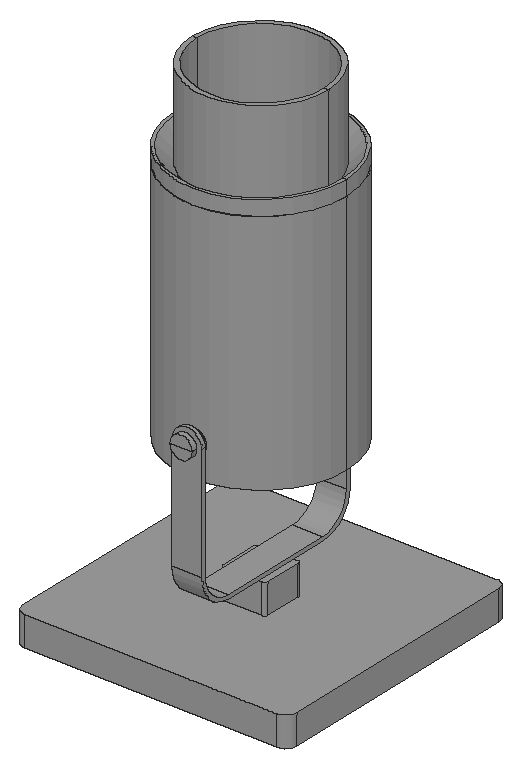
Revit family "Alcon-13340-LG-M-Revit-Family", category Generic Models, host Face, Revit 2023
Family settings
  Host = Face
  Can host rebar = No
  Round Connector Dimension = Use Diameter
  Part Type = Normal
  Cut with Voids When Loaded = No
  Maintain Annotation Orientation = No
  Shared = No
  Room Calculation Point = No
Parameters (values of type "Square Canopy and Snoot")
  URL = "https://www.alconlighting.com/"
  Square Canopy = yes
  Round Canopy = no
  Product Page = "https://www.alconlighting.com/13340-lg.html"
  Model = "13340-LG-M"
  Manufacturer = "Alcon Ligthing"
  Snoot = yes
  Louver = no
  Housing = Housing
  Fixture Rotation = 90.00°
  Default Elevation = 4' - 0"
Types (7): name | Square Canopy | Round Canopy | Product Page | Model | Snoot | Louver
  (no name) | yes | no | "https://www.alconlighting.com/13340-lg.html" | "13340-LG-M" | yes | no
  Round Canopy | no | yes | "https://www.alconlighting.com/13340-m-sm.html" | "13340-SM-M" | no | no
  Square Canopy | yes | no | "https://www.alconlighting.com/13340-m-sm.html" | "13340-SM-M" | no | no
  Round Canopy and Louver | no | yes | "https://www.alconlighting.com/13340-m-sm.html" | "13340-SM-M" | no | yes
  Round Canopy and Snoot | no | yes | "https://www.alconlighting.com/13340-m-sm.html" | "13340-SM-M" | yes | no
  Square Canopy and Louver | yes | no | "https://www.alconlighting.com/13340-m-sm.html" | "13340-SM-M" | no | yes
  Square Canopy and Snoot | yes | no | "https://www.alconlighting.com/13340-lg.html" | "13340-LG-M" | yes | no
Reference planes (in)
  plane 1 "Center (Front/Back)": y = 0
  plane 2: z = 0
  plane 3 "Center (Left/Right)": x = 0
Forms (in)
  Extrusion 1, solid, material "Housing" <- "Housing"
    sketch origin (-0.375, 0, 0.5) x (1, 0, 0) y (0, 1, 0)
      loop
        line (0.0625, -0.375) -> (0.6875, -0.375)
        arc (0.6875, -0.375) -> (0.73169, -0.35669) -> (0.75, -0.3125) r 0.0625
        line (0.75, -0.3125) -> (0.75, 0.3125)
        arc (0.75, 0.3125) -> (0.73169, 0.35669) -> (0.6875, 0.375) r 0.0625
        line (0.6875, 0.375) -> (0.0625, 0.375)
        arc (0.0625, 0.375) -> (0.01831, 0.35669) -> (0, 0.3125) r 0.0625
        line (0, 0.3125) -> (0, -0.3125)
        arc (0, -0.3125) -> (0.01831, -0.35669) -> (0.0625, -0.375) r 0.0625
    from 0 to 0.5
  Extrusion 2, solid, material "Housing" <- "Housing", visible <- "Round Canopy"
    sketch origin (-0.375, 0, 0) x (1, 0, 0) y (0, 1, 0)
      loop
        circle (0.375, 0) r 2.5
    from 0 to 0.5
  Extrusion 3, solid, material "Housing" <- "Housing", visible <- "Square Canopy"
    sketch origin (0, 0, 0) x (1, 0, 0) y (0, 1, 0)
      loop
        line (-2.125, -2.3125) -> (2.125, -2.3125)
        arc (2.125, -2.3125) -> (2.25758, -2.25758) -> (2.3125, -2.125) r 0.1875
        line (2.3125, -2.125) -> (2.3125, 2.125)
        arc (2.3125, 2.125) -> (2.25758, 2.25758) -> (2.125, 2.3125) r 0.1875
        line (2.125, 2.3125) -> (-2.125, 2.3125)
        arc (-2.125, 2.3125) -> (-2.25758, 2.25758) -> (-2.3125, 2.125) r 0.1875
        line (-2.3125, 2.125) -> (-2.3125, -2.125)
        arc (-2.3125, -2.125) -> (-2.25758, -2.25758) -> (-2.125, -2.3125) r 0.1875
    from 0 to 0.5
  Extrusion 4, solid, material "Housing" <- "Housing"
    sketch origin (0, 0, 0) x (0, 1, 0) y (0, 0, 1)
      loop
        line (1.55595, 3.75391) -> (1.49345, 3.75391) -> (1.49345, 1.5625)
        arc (1.49345, 1.5625) -> (1.34701, 1.20895) -> (0.99345, 1.0625) r 0.5
        line (0.99345, 1.0625) -> (-0.99345, 1.0625)
        arc (-0.99345, 1.0625) -> (-1.34701, 1.20895) -> (-1.49345, 1.5625) r 0.5
        line (-1.49345, 1.5625) -> (-1.49345, 3.75391) -> (-1.55595, 3.75391) -> (-1.55595, 1.5625)
        arc (-1.55595, 1.5625) -> (-1.3912, 1.16475) -> (-0.99345, 1) r 0.5625
        line (-0.99345, 1) -> (0.99345, 1)
        arc (0.99345, 1) -> (1.3912, 1.16475) -> (1.55595, 1.5625) r 0.5625
        line (1.55595, 1.5625) -> (1.55595, 3.75391)
    from -0.25 to 0.25
  Extrusion 5, void
    sketch origin (0, 0, 0) x (1, 0, 0) y (0, 0, 1)
      loop
        line (-0.25, 3.75391) -> (-0.25, 3.49819)
        arc (-0.25, 3.49819) -> (0, 3.74819) -> (0.25, 3.49819) r 0.25
        line (0.25, 3.49819) -> (0.25, 3.75391) -> (-0.25, 3.75391)
    from -1.55595 to 1.55595
Cuts and joins
  Extrusion 5 cuts Extrusion 4
Lines and regions (in)
  reference lines
    curve 1: line (-2.5, 0, 3.49819) -> (2.5, 0, 3.49819)
  model lines
    curve 2: line (0, 0, 0) -> (0, 0, 6.74099)
Dimensions and locks (in)
  "Fixture Rotation": angle curve 1 to nested 2
  aligned and locked: plane 2 to host face
  aligned and locked: level to host face
  aligned and locked: Extrusion 5 to Extrusion 4
  aligned and locked: Extrusion 4 to Extrusion 5
Automatic sketch dimensions
  curve 2 to plane 3 "Center (Left/Right)" = 0' - 0"
  curve 2 to level = 0' - 0"
  curve 2 to curve 2 = 0' - 6.74099"
  host sketch curve to host sketch curve = 8' - 0"  (x2)
  Extrusion 1 sketch curve to Extrusion 1 sketch curve = 0' - 0 1/16"  (x3)
  Extrusion 1 sketch curve to Extrusion 1 sketch curve = 0' - 0 5/8"  (x2)
  Extrusion 1 sketch curve to Extrusion 1 sketch curve = 0' - 0"
  plane 1 "Center (Front/Back)" to Extrusion 2 sketch curve = 0' - 0"
  Extrusion 2 sketch curve to plane 3 "Center (Left/Right)" = 0' - 0"
  Extrusion 3 sketch curve to plane 3 "Center (Left/Right)" = 0' - 2 5/16"
  Extrusion 3 sketch curve to Extrusion 3 sketch curve = 0' - 0 3/16"  (x3)
  plane 3 "Center (Left/Right)" to Extrusion 3 sketch curve = 0' - 2 1/8"  (x2)
  plane 1 "Center (Front/Back)" to Extrusion 3 sketch curve = 0' - 2 5/16"
  Extrusion 3 sketch curve to plane 1 "Center (Front/Back)" = 0' - 2 1/8"
  Extrusion 4 sketch curve to Extrusion 4 sketch curve = 0' - 0"  (x4)
  plane 1 "Center (Front/Back)" to Extrusion 4 sketch curve = 0' - 1.55595"
  Extrusion 4 sketch curve to Extrusion 4 sketch curve = 0' - 0 1/16"
  Extrusion 4 sketch curve to Extrusion 4 sketch curve = 0' - 0 1/2"
  Extrusion 4 sketch curve to plane 1 "Center (Front/Back)" = 0' - 0.99345"
  Extrusion 4 sketch curve to plane 1 "Center (Front/Back)" = 0' - 1.49345"
  level to Extrusion 4 sketch curve = 0' - 1"
  Extrusion 4 sketch curve to Extrusion 4 sketch curve = 0' - 2 49/256"  (x2)
  Extrusion 5 sketch curve to plane 3 "Center (Left/Right)" = 0' - 0"
  Extrusion 5 sketch curve to plane 3 "Center (Left/Right)" = 0' - 0 1/4"
  plane 3 "Center (Left/Right)" to Extrusion 5 sketch curve = 0' - 0 1/4"
  level to Extrusion 5 sketch curve = 0' - 3.49819"
  Extrusion 5 sketch curve to Extrusion 5 sketch curve = 0' - 0.25572"
  Extrusion 5 sketch curve to Extrusion 5 sketch curve = 0' - 0"  (x3)
  curve 1 to plane 3 "Center (Left/Right)" = 0' - 2 1/2"
  level to curve 1 = 0' - 3.49819"
  plane 3 "Center (Left/Right)" to curve 1 = 0' - 2 1/2"
  radius of Extrusion 2 sketch curve = 0' - 2 1/2"
Nested families (in)
  nested 1: "Alcon-13340-SM-M-IES-Revit-Family" at (0, 0, 6.72975), type "Alcon-13340-SM-M-IES-Revit-Family"
  nested 2: "Alcon-13340-LG-M-Housing-Revit-Family" at (0, 0, 3.49819) x (0, 0, -1) z (0, -1, 0), type "Alcon-13340-LG-M-Housing-Revit-Family"
    with built-in parameter 1001306 0.16667 (stored number, unit not read)
  nested 3: "Alcon-13340-LG-M-Louver-Revit-Family" at (0, 0, 0), visible <- "Louver", type "Alcon-13340-LG-M-Louver-Revit-Family"
  nested 4: "Alcon-13340-LG-M-Snoot-Revit-Family" at (0, 0, 0), visible <- "Snoot", type "Alcon-13340-LG-M-Snoot-Revit-Family"
Definition of nested family "Alcon-13340-LG-M-Housing-Revit-Family"
  Parameters (values of type "Alcon-13340-LG-M-Housing-Revit-Family")
    built-in parameter 1001306 [instance] = 4' - 0"
    Housing = none
    Default Elevation = 0' - 0"
  Reference planes (in)
    plane 1 "Center (Front/Back)": y = 0
    plane 2: z = 0
    plane 3 "Left": x = 0
    plane 4 "Right": x = 48
  Forms (in)
    Revolve 1, solid, material <- "Housing"
      sketch origin (0.56641, 0, 0) x (1, 0, 0) y (0, 1, 0)
        loop
          line (0, 0) -> (0, 1.45) -> (-4.13, 1.45) -> (-4.13, 1.37187) -> (-3.79797, 1.37187) -> (-3.79797, 1.25859) -> (-1.04038, 1.25859) -> (-1.04038, 0) -> (0, 0)
        axis (0, 0) -> (-4.13, 0)
      angle from 0 to 360
    Extrusion 2, solid
      sketch origin (-3.23156, 0, 0) x (0, 1, 0) y (0, 0, -1)
        loop
          circle (0, 0) r 1.25859
      from 0 to -0.0625
    Revolve 3, solid, material <- "Housing"
      sketch origin (0, 0, 0) x (0, 1, 0) y (0, 0, 1)
        loop
          line (0, 1.67563) -> (-0.18659, 1.67563) -> (-0.18659, 1.5936) -> (-0.07721, 1.5936) -> (-0.07721, 1.46079) -> (-0.21875, 1.46079) -> (-0.21875, -1.46079) -> (-0.07721, -1.46079) -> (-0.07721, -1.5936) -> (-0.18659, -1.5936) -> (-0.18659, -1.67563) -> (0, -1.67563) -> (0, 1.67563)
        axis (0, 1.67563) -> (0, -1.67563)
      angle from 0 to 360
  Lines and regions (in)
    reference lines
      curve 1: line (0, 0, 0) -> (48, 0, 0)
    model lines
      curve 2: line (0, 0, 0) -> (-33.25, 0, 0)
  Dimensions and locks (in)
    "built-in parameter 1001306": plane 3 "Left" to plane 4 "Right"
    aligned and locked: plane 4 "Right" to curve 1
    aligned and locked: plane 1 "Center (Front/Back)" to curve 1
    aligned and locked: plane 3 "Left" to curve 1
    aligned and locked: level to plane 2
  Automatic sketch dimensions
    Extrusion 2 sketch curve to Revolve 1 = 0' - 0"  (x2)
    plane 1 "Center (Front/Back)" to Revolve 1 sketch curve = 0' - 0"  (x2)
    Revolve 1 sketch curve to plane 1 "Center (Front/Back)" = 0' - 1.45"
    Revolve 1 sketch curve to plane 3 "Left" = 0' - 3.56359"
    Revolve 1 sketch curve to Revolve 1 sketch curve = 0' - 0 85/256"
    Revolve 1 sketch curve to plane 3 "Left" = 0' - 0.47397"
    plane 3 "Left" to Revolve 1 sketch curve = 0' - 0 145/256"
    Revolve 1 sketch curve to Revolve 1 sketch curve = 0' - 0 49/256"
    Revolve 1 sketch curve to Revolve 1 sketch curve = 0' - 0 29/256"
    Revolve 1 sketch curve to Revolve 1 sketch curve = 0' - 1.20971"
    Revolve 1 sketch curve to Revolve 1 sketch curve = 0' - 0.15103"
    Revolve 3 sketch curve to plane 1 "Center (Front/Back)" = 0' - 0"  (x2)
    plane 1 "Center (Front/Back)" to Revolve 3 sketch curve = 0' - 0.07721"  (x2)
    Revolve 3 sketch curve to Revolve 3 sketch curve = 0' - 0 7/64"
    Revolve 3 sketch curve to Revolve 3 sketch curve = 0' - 0.03216"  (x2)
    Revolve 3 sketch curve to level = 0' - 1.67563"
    Revolve 3 sketch curve to Revolve 3 sketch curve = 0' - 0 21/256"  (x2)
    Revolve 3 sketch curve to Revolve 3 sketch curve = 0' - 0 17/128"  (x2)
    level to Revolve 3 sketch curve = 0' - 1.46079"
    Revolve 3 sketch curve to Revolve 3 sketch curve = 0' - 0"
    Revolve 3 sketch curve to Revolve 3 sketch curve = 7' - 6.60023"
    curve 2 to plane 3 "Left" = 0' - 0"
    plane 1 "Center (Front/Back)" to curve 2 = 0' - 0"
    curve 2 to plane 3 "Left" = 2' - 9 1/4"
    radius of Extrusion 2 sketch curve to Revolve 1 = 0' - 0"
Definition of nested family "Alcon-13340-LG-M-Louver-Revit-Family"
  Parameters
    Louver = yes
    Housing = none
    Default Elevation = 4' - 0"
  Reference planes (in)
    plane 1 "Center (Front/Back)": y = 0
    plane 2: z = 0
    plane 3 "Center (Left/Right)": x = 0
  Forms (in)
    Extrusion 1, solid
      sketch origin (0, 0, 0) x (1, 0, 0) y (0, 1, 0)
        loop
          line (-48, 48) -> (-48, -48) -> (48, -48) -> (48, 48) -> (-48, 48)
      from 0 to -12
    Revolve 2, solid, material <- "Housing", visible <- "Louver"
      sketch origin (0, 0, 0.37084) x (1, 0, 0) y (0, 0, 1)
        loop
          line (1.44922, 6.94958) -> (1.375, 6.94958) -> (1.32094, 6.7738) -> (1.2811, 6.7738) -> (1.2811, 6.37014) -> (1.35532, 6.37014) -> (1.35532, 6.69958) -> (1.44922, 6.69958) -> (1.44922, 6.94958)
        axis (0, 6.37014) -> (0, 6.94958)
      angle from 0 to 360
    Extrusion 3, solid, material <- "Housing"
      sketch origin (0, 0, 7.14465) x (1, 0, 0) y (0, 1, 0)
        loop
          arc (1.28109, 0.00318) -> (1.27773, 0.0928) -> (1.26811, 0.18197) r 1.2811
          line (1.26811, 0.18197) -> (1.15914, -0.00677) -> (0.84156, -0.00677) -> (0.68276, 0.26827) -> (0.84156, 0.54331) -> (1.16018, 0.54331)
          arc (1.16018, 0.54331) -> (1.12805, 0.60722) -> (1.0924, 0.66923) r 1.2811
          line (1.0924, 0.66923) -> (0.84156, 0.66923) -> (0.68276, 0.94427) -> (0.74096, 1.04507)
          arc (0.74096, 1.04507) -> (0.69008, 1.07935) -> (0.63762, 1.11115) r 1.2811
          line (0.63762, 1.11115) -> (0.57957, 1.01061) -> (0.26199, 1.01061) -> (0.10848, 1.2765)
          arc (0.10848, 1.2765) -> (-0.19182, 1.26666) -> (-0.48156, 1.18714) r 1.2811
          line (-0.48156, 1.18714) -> (-0.57957, 1.01738) -> (-0.77855, 1.01738)
          arc (-0.77855, 1.01738) -> (-0.995, 0.80696) -> (-1.1562, 0.55174) r 1.2811
          line (-1.1562, 0.55174) -> (-1.00035, 0.2818) -> (-1.16013, 0.00505) -> (-1.28109, 0.00505)
          arc (-1.28109, 0.00505) -> (-1.28041, -0.042) -> (-1.278, -0.089) r 1.2811
          line (-1.278, -0.089) -> (-1.17655, -0.089) -> (-1.00035, -0.39419) -> (-1.12577, -0.61143)
          arc (-1.12577, -0.61143) -> (-1.09087, -0.67172) -> (-1.05274, -0.73003) r 1.2811
          line (-1.05274, -0.73003) -> (-0.89716, -0.46054) -> (-0.57957, -0.46054) -> (-0.42078, -0.73558) -> (-0.57957, -1.01061) -> (-0.78732, -1.01061)
          arc (-0.78732, -1.01061) -> (-0.68945, -1.07975) -> (-0.58556, -1.13944) r 1.2811
          arc (-0.58556, -1.13944) -> (-0.49161, -1.18302) -> (-0.39445, -1.21886) r 1.2811
          line (-0.39445, -1.21886) -> (-0.47638, -1.07696) -> (-0.31759, -0.80192) -> (0, -0.80192) -> (0.15879, -1.07696) -> (0.04132, -1.28043)
          arc (0.04132, -1.28043) -> (0.11619, -1.27582) -> (0.19067, -1.26683) r 1.2811
          line (0.19067, -1.26683) -> (0.26199, -1.14331) -> (0.57798, -1.14331)
          arc (0.57798, -1.14331) -> (0.63095, -1.11495) -> (0.68252, -1.08415) r 1.2811
          line (0.68252, -1.08415) -> (0.84156, -0.80869) -> (0.99359, -0.80869)
          arc (0.99359, -0.80869) -> (1.0407, -0.7471) -> (1.08399, -0.68277) r 1.2811
          line (1.08399, -0.68277) -> (0.84156, -0.68277) -> (0.68276, -0.40773) -> (0.84156, -0.13269) -> (1.15914, -0.13269) -> (1.24845, -0.28738)
          arc (1.24845, -0.28738) -> (1.26819, -0.1814) -> (1.27895, -0.07414) r 1.2811
          arc (1.27895, -0.07414) -> (1.28061, -0.03549) -> (1.28109, 0.00318) r 1.2811
        loop
          line (0.10319, -0.74234) -> (0.26199, -1.01738) -> (0.57957, -1.01738) -> (0.73836, -0.74234) -> (0.57957, -0.46731) -> (0.26199, -0.46731) -> (0.10319, -0.74234)
        loop
          line (-0.47638, -0.40096) -> (-0.31759, -0.676) -> (0, -0.676) -> (0.15879, -0.40096) -> (0, -0.12592) -> (-0.31759, -0.12592) -> (-0.47638, -0.40096)
        loop
          line (0.10319, -0.06635) -> (0.26199, -0.34138) -> (0.57957, -0.34138) -> (0.73836, -0.06635) -> (0.57957, 0.20869) -> (0.26199, 0.20869) -> (0.10319, -0.06635)
        loop
          line (-1.05595, -0.05958) -> (-0.89716, -0.33462) -> (-0.57957, -0.33462) -> (-0.42078, -0.05958) -> (-0.57957, 0.21546) -> (-0.89716, 0.21546) -> (-1.05595, -0.05958)
        loop
          line (-0.47638, 0.27504) -> (-0.31759, 0) -> (0, 0) -> (0.15879, 0.27504) -> (0, 0.55007) -> (-0.31759, 0.55007) -> (-0.47638, 0.27504)
        loop
          line (0.10319, 0.60965) -> (0.26199, 0.33462) -> (0.57957, 0.33462) -> (0.73836, 0.60965) -> (0.57957, 0.88469) -> (0.26199, 0.88469) -> (0.10319, 0.60965)
        loop
          line (-1.05595, 0.61642) -> (-0.89716, 0.34138) -> (-0.57957, 0.34138) -> (-0.42078, 0.61642) -> (-0.57957, 0.89146) -> (-0.89716, 0.89146) -> (-1.05595, 0.61642)
        loop
          line (-0.47638, 0.95104) -> (-0.31759, 0.676) -> (0, 0.676) -> (0.15879, 0.95104) -> (0, 1.22607) -> (-0.31759, 1.22607) -> (-0.47638, 0.95104)
      from -0.07422 to 0
  Dimensions and locks (in)
    aligned and locked: plane 2 to Extrusion 1
    aligned and locked: level to Extrusion 1
    aligned and locked: Extrusion 3 sketch curve to Revolve 2
    aligned and locked: Revolve 2 to Extrusion 3
Definition of nested family "Alcon-13340-LG-M-Snoot-Revit-Family"
  Parameters (values of type "Alcon-13340-LG-M-Snoot-Revit-Family")
    Louver = yes
    Housing = none
    Default Elevation = 4' - 0"
  Reference planes (in)
    plane 1 "Center (Front/Back)": y = 0
    plane 2: z = 0
    plane 3 "Center (Left/Right)": x = 0
  Forms (in)
    Extrusion 1, solid
      sketch origin (0, 0, 0) x (1, 0, 0) y (0, 1, 0)
        loop
          line (-48, 48) -> (-48, -48) -> (48, -48) -> (48, 48) -> (-48, 48)
      from 0 to -12
    Revolve 2, solid, material <- "Housing", visible <- "Louver"
      sketch origin (0, 0, 0.37084) x (1, 0, 0) y (0, 0, 1)
        loop
          line (1.07422, 8.19958) -> (1.07422, 6.62536) -> (1.2811, 6.62536) -> (1.2811, 6.37014) -> (1.35532, 6.37014) -> (1.35532, 6.69958) -> (1.44922, 6.69958) -> (1.44922, 6.94958) -> (1.39844, 6.94958) -> (1.14844, 6.69958) -> (1.14844, 8.19958) -> (1.07422, 8.19958)
        axis (0, 6.37014) -> (0, 8.19958)
      angle from 0 to 360
  Dimensions and locks (in)
    aligned and locked: plane 2 to Extrusion 1
    aligned and locked: level to Extrusion 1
Definition of nested family "Alcon-13340-SM-M-IES-Revit-Family"
  Parameters (values of type "Alcon-13340-SM-M-IES-Revit-Family")
    Wattage = 9.2903 W
    built-in parameter 1150110 = 1 (stored number, unit not read)
    built-in parameter 1114217 = 1 (stored number, unit not read)
    Tilt Angle = 90.00°
    built-in parameter 1150109 = 1 (stored number, unit not read)
    built-in parameter 1150134 = 3
    built-in parameter 1150113 = 1 (stored number, unit not read)
    Photometric Web File = "Alcon-13340-MD-IES.ies"
    built-in parameter 1150105 = 109.82 (stored number, unit not read)
    Lumens = 1380 lm
    built-in parameter 1150115 = 1 (stored number, unit not read)
    built-in parameter 1150137 = (empty or 0)
    built-in parameter 1150139 = (empty or 0)
    built-in parameter 1150112 = 1 (stored number, unit not read)
    built-in parameter 1150114 = 1 (stored number, unit not read)
    built-in parameter 1150132 = 2
    built-in parameter 1150102 = (empty or 0)
    built-in parameter 1150107 = 3200 (stored number, unit not read)
    built-in parameter 1150138 = (empty or 0)
    built-in parameter 1150106 = 1.0982 (stored number, unit not read)
    Emit from Circle Diameter = 0' - 1 111/128"
    Emit Shape Visible in Rendering = yes
    built-in parameter 1150104 = 13.8 (stored number, unit not read)
    Dimming Lamp Color Temperature Shift = (empty or 0)
    Default Elevation = 4' - 0"
    Color Filter = 16777215
    built-in parameter 1114218 = 1 (stored number, unit not read)
    built-in parameter 1150133 = 10 (stored number, unit not read)
  Reference planes (in)
    plane 1 "Center (Front/Back)": y = 0
    plane 2: z = 0
    plane 3 "Center (Left/Right)": x = 0
  Forms (in)
    Extrusion 1, solid
      sketch origin (0, 0, 0) x (1, 0, 0) y (0, 1, 0)
        loop
          line (-48, 48) -> (-48, -48) -> (48, -48) -> (48, 48) -> (-48, 48)
      from 0 to -12
  Dimensions and locks (in)
    aligned and locked: plane 2 to Extrusion 1
    aligned and locked: level to Extrusion 1
